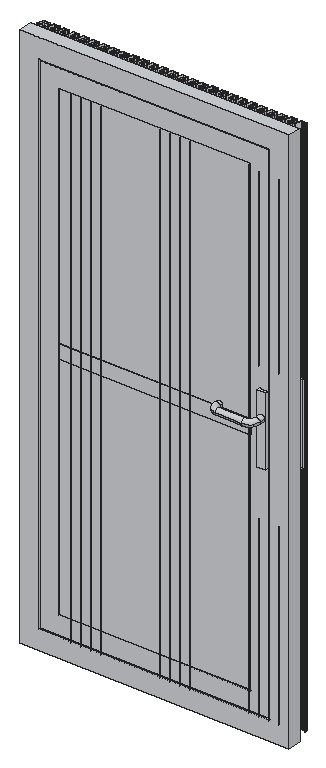
Revit family "NLRS_31_DO_WB_VS27 enkele deur-AV_jazo_jazo", category Doors, host Wall, Revit 2020 (continued)
Definition of nested family "NLRS_31_GM_UN_VS27 start schoep-AV"
  Automatic sketch dimensions
    Extrusion 1 sketch curve to Extrusion 1 sketch curve = 0.9 mm
    Extrusion 1 sketch curve to plane 3 "Center (Left/Right)" = 7.231 mm
    Extrusion 1 sketch curve to Extrusion 1 sketch curve = 0.238 mm
    Extrusion 1 sketch curve to Extrusion 1 sketch curve = 0.79 mm
    Extrusion 1 sketch curve to Extrusion 1 sketch curve = 1.865 mm
    plane 3 "Center (Left/Right)" to Extrusion 1 sketch curve = 1.073 mm
    plane 3 "Center (Left/Right)" to Extrusion 1 sketch curve = 2.787 mm
    plane 3 "Center (Left/Right)" to Extrusion 1 sketch curve = 4.273 mm
    Extrusion 1 sketch curve to Extrusion 1 sketch curve = 0.749 mm
    plane 3 "Center (Left/Right)" to Extrusion 1 sketch curve = 5.009 mm
    Extrusion 1 sketch curve to Extrusion 1 sketch curve = 1.8 mm
    Extrusion 1 sketch curve to Extrusion 1 sketch curve = 0.108 mm
    Extrusion 1 sketch curve to Extrusion 1 sketch curve = 8.963 mm
    Extrusion 1 sketch curve to Extrusion 1 sketch curve = 2.156 mm
    Extrusion 1 sketch curve to Extrusion 1 sketch curve = 1.695 mm
    plane 7 "Right" to Extrusion 1 sketch curve = 9.881 mm
    Extrusion 1 sketch curve to Extrusion 1 sketch curve = 1.074 mm
    Extrusion 1 sketch curve to Extrusion 1 sketch curve = 2.753 mm
    plane 7 "Right" to Extrusion 1 sketch curve = 0.7 mm
Definition of nested family "NLRS_31_GM_UN_VS27 schoep-AV"
  Parameters (values of type "VS27 schoep")
    URL = "www.jazo.com"
    NLRS_C_zichtbaar_01 = yes
    NLRS_C_stelruimte_02 = 15 mm  # constant formula
    NLRS_C_stelruimte_01 = 4 mm  # constant formula
    NLRS_C_materiaal = none
    NLRS_C_hoogte [instance] = 1000 mm
    Model = ""
    Manufacturer = "JAZO Zevenaar bv"
    Description = "VS27 schoep"
    Default Elevation = 0 mm
    Assembly Code = "23.30.60.11.17.11"
  Reference planes
    plane 1 "Center (Front/Back)": y = 0
    plane 2 "Bottom": z = 0
    plane 3 "Center (Left/Right)": x = 0
    plane 4 "Top": z = 1000
    plane 5 "onderkant schoep": y = -15.012
    plane 6 "bovenkant schoep": y = 15.012
    plane 7 "Right": x = 25.638
    plane 8 "Left": x = -25.638
    plane 9: z = 500
    plane 10 "stelruimte o": z = 15
    plane 11 "stelruimte b": z = 996
    plane 12 "voorkant kozijn": y = -26.012
  Forms (mm)
    Extrusion 1, solid, material <- "NLRS_C_materiaal", visible <- "NLRS_C_zichtbaar_01"
      sketch origin (77.487, -10.918, 0) x (0, -1, 0) y (1, 0, 0)
        loop
          line (-2.706, -54.543) -> (-2.706, -74.501) -> (-25.165, -80.519)
          arc (-25.165, -80.519) -> (-25.7, -80.876) -> (-25.906, -81.485) r 1
          line (-25.906, -81.485) -> (-25.906, -99.95)
          arc (-25.906, -99.95) -> (-25.7, -100.559) -> (-25.165, -100.916) r 1
          line (-25.165, -100.916) -> (-17.036, -103.095)
          arc (-17.036, -103.095) -> (-15.934, -102.458) -> (-16.57, -101.356) r 0.9
          line (-16.57, -101.356) -> (-24.106, -99.337) -> (-24.106, -91.618) -> (-22.106, -91.618)
          arc (-22.106, -91.618) -> (-21.206, -90.718) -> (-22.106, -89.818) r 0.9
          line (-22.106, -89.818) -> (-24.106, -89.818) -> (-24.106, -82.099) -> (-2.711, -76.366) -> (-2.711, -77.156)
          arc (-2.711, -77.156) -> (-1.809, -77.852) -> (-0.906, -77.156) r 0.933
          line (-0.906, -77.156) -> (-0.906, -65.653) -> (2.294, -65.653) -> (2.294, -68.853) -> (4.094, -68.853) -> (4.094, -63.853) -> (-0.906, -63.853) -> (-0.906, -52.849)
          arc (-0.906, -52.849) -> (-1.298, -52.055) -> (-2.165, -51.883) r 1
          line (-2.165, -51.883) -> (-9.043, -53.726)
          arc (-9.043, -53.726) -> (-9.679, -54.828) -> (-8.577, -55.464) r 0.9
          line (-8.577, -55.464) -> (-3.336, -54.06)
          arc (-3.336, -54.06) -> (-2.902, -54.146) -> (-2.706, -54.543) r 0.5
      from 15 to 996
  Dimensions and locks
    "NLRS_C_hoogte": plane 4 "Top" to plane 2 "Bottom"
    locked: plane 6 "bovenkant schoep" to plane 5 "onderkant schoep" at 30
    locked: plane 8 "Left" to plane 7 "Right" at 51.277
    equal spacing: plane 6 "bovenkant schoep", plane 1 "Center (Front/Back)", plane 5 "onderkant schoep"
    equal spacing: plane 8 "Left", plane 3 "Center (Left/Right)", plane 7 "Right"
    equal spacing: plane 4 "Top", plane 9, plane 2 "Bottom"
    "NLRS_C_stelruimte_02": plane 10 "stelruimte o" to plane 2 "Bottom"
    "NLRS_C_stelruimte_01": plane 4 "Top" to plane 11 "stelruimte b"
    locked: plane 5 "onderkant schoep" to plane 12 "voorkant kozijn" at 11
    aligned and locked: level to plane 2 "Bottom"
    aligned and locked: plane 11 "stelruimte b" to Extrusion 1
    aligned and locked: Extrusion 1 to plane 10 "stelruimte o"
  Automatic sketch dimensions
    Extrusion 1 sketch curve to plane 5 "onderkant schoep" = 0 mm
    plane 5 "onderkant schoep" to Extrusion 1 sketch curve = 1.8 mm
    Extrusion 1 sketch curve to Extrusion 1 sketch curve = 3.2 mm  (x2)
    Extrusion 1 sketch curve to Extrusion 1 sketch curve = 0 mm  (x2)
    plane 3 "Center (Left/Right)" to Extrusion 1 sketch curve = 0.568 mm
    Extrusion 1 sketch curve to Extrusion 1 sketch curve = 0.902 mm  (x2)
    Extrusion 1 sketch curve to Extrusion 1 sketch curve = 1 mm
    Extrusion 1 sketch curve to plane 7 "Right" = 0.034 mm
    Extrusion 1 sketch curve to Extrusion 1 sketch curve = 0.259 mm
    Extrusion 1 sketch curve to Extrusion 1 sketch curve = 0.8 mm  (x3)
    plane 3 "Center (Left/Right)" to Extrusion 1 sketch curve = 1.121 mm
    Extrusion 1 sketch curve to Extrusion 1 sketch curve = 0.5 mm
    Extrusion 1 sketch curve to plane 7 "Right" = 2.211 mm
    Extrusion 1 sketch curve to Extrusion 1 sketch curve = 0.129 mm
    plane 1 "Center (Front/Back)" to Extrusion 1 sketch curve = 2.341 mm
    Extrusion 1 sketch curve to Extrusion 1 sketch curve = 0.233 mm  (x4)
    plane 8 "Left" to Extrusion 1 sketch curve = 1.769 mm
    Extrusion 1 sketch curve to plane 1 "Center (Front/Back)" = 5.652 mm
    plane 8 "Left" to Extrusion 1 sketch curve = 0.031 mm
    Extrusion 1 sketch curve to plane 6 "bovenkant schoep" = 3.823 mm
    Extrusion 1 sketch curve to plane 6 "bovenkant schoep" = 1.823 mm
    Extrusion 1 sketch curve to plane 6 "bovenkant schoep" = 0.765 mm  (x2)
    Extrusion 1 sketch curve to plane 6 "bovenkant schoep" = 0.023 mm
    plane 8 "Left" to Extrusion 1 sketch curve = 2.209 mm
    Extrusion 1 sketch curve to Extrusion 1 sketch curve = 0.614 mm  (x2)
    Extrusion 1 sketch curve to Extrusion 1 sketch curve = 7.719 mm
    Extrusion 1 sketch curve to Extrusion 1 sketch curve = 0.9 mm
    Extrusion 1 sketch curve to plane 3 "Center (Left/Right)" = 4.612 mm
    plane 3 "Center (Left/Right)" to Extrusion 1 sketch curve = 0.331 mm
    Extrusion 1 sketch curve to Extrusion 1 sketch curve = 1.865 mm
    plane 3 "Center (Left/Right)" to Extrusion 1 sketch curve = 8.635 mm
    Extrusion 1 sketch curve to Extrusion 1 sketch curve = 1.8 mm
    Extrusion 1 sketch curve to plane 7 "Right" = 3.616 mm
    Extrusion 1 sketch curve to Extrusion 1 sketch curve = 0.869 mm
Definition of nested family "NLRS_31_GM_UN_beslagbak VS27-AV"
  Parameters (values of type "beslagbak VS27")
    URL = "www.jazo.com"
    NLRS_C_diepte_01 = 30 mm
    NLRS_C_afstand = 84.4 mm  # constant formula
    Model = ""
    Manufacturer = "JAZO Zevenaar bv"
    JAZO_C_opbouwrooster VS27 = yes
    JAZO_C_materiaal schoep = none
    JAZO_C_materiaal beslag = none
    Description = "beslagbak VS27"
    Default Elevation = 0 mm
    Assembly Code = "23.30.40.31"
  Reference planes
    plane 1 "Center (Front/Back)": y = 0
    plane 2 "Bottom": z = 0
    plane 3 "Center (Left/Right)": x = 0
    plane 4 "Tussen": x = -179.999
    plane 5 "Right": x = 95
    plane 6 "Left": x = -240
    plane 7 "center hs27r": z = 185
    plane 8 "knop-kruk": x = 10.6
    plane 9 "voorkant kozijn": y = -11
  Forms (mm)
    Extrusion 1, solid, material <- "JAZO_C_materiaal schoep", visible <- "JAZO_C_opbouwrooster VS27"
      sketch origin (0.008, 28.012, 0) x (1, 0, 0) y (0, 1, 0)
        loop
          arc (92.791, 1.247) -> (92.434, 1.782) -> (91.825, 2.012) r 1
          line (91.825, 2.012) -> (73.36, 1.988)
          arc (73.36, 1.988) -> (72.751, 1.782) -> (72.394, 1.247) r 1
          line (72.394, 1.247) -> (69.918, -7.992) -> (59.267, -7.992) -> (56.791, 1.247)
          arc (56.791, 1.247) -> (56.434, 1.782) -> (55.825, 2.012) r 1
          line (55.825, 2.012) -> (37.36, 1.988)
          arc (37.36, 1.988) -> (36.751, 1.782) -> (36.394, 1.247) r 1
          line (36.394, 1.247) -> (33.918, -7.992) -> (23.267, -7.992) -> (20.791, 1.247)
          arc (20.791, 1.247) -> (20.434, 1.782) -> (19.825, 2.012) r 1
          line (19.825, 2.012) -> (1.36, 1.988)
          arc (1.36, 1.988) -> (0.751, 1.782) -> (0.394, 1.247) r 1
          line (0.394, 1.247) -> (-2.081, -7.988) -> (-12.734, -7.988) -> (-15.209, 1.247)
          arc (-15.209, 1.247) -> (-15.566, 1.782) -> (-16.175, 2.012) r 1
          line (-16.175, 2.012) -> (-34.64, 1.988)
          arc (-34.64, 1.988) -> (-35.249, 1.782) -> (-35.606, 1.247) r 1
          line (-35.606, 1.247) -> (-38.081, -7.988) -> (-64.272, -7.988) -> (-64.272, -28.012) -> (68.417, -28.012) -> (70.241, -21.207) -> (75.974, 0.188) -> (91.211, 0.188) -> (93.231, -7.348)
          arc (93.231, -7.348) -> (94.333, -7.985) -> (94.969, -6.882) r 0.9
          line (94.969, -6.882) -> (92.791, 1.247)
      from 295 to 293
    Extrusion 2, solid, material <- "JAZO_C_materiaal schoep", visible <- "JAZO_C_opbouwrooster VS27"
      sketch origin (0.008, 28.012, 0) x (1, 0, 0) y (0, 1, 0)
        loop
          arc (92.791, 1.247) -> (92.434, 1.782) -> (91.825, 2.012) r 1
          line (91.825, 2.012) -> (73.36, 1.988)
          arc (73.36, 1.988) -> (72.751, 1.782) -> (72.394, 1.247) r 1
          line (72.394, 1.247) -> (69.918, -7.992) -> (59.267, -7.992) -> (56.791, 1.247)
          arc (56.791, 1.247) -> (56.434, 1.782) -> (55.825, 2.012) r 1
          line (55.825, 2.012) -> (37.36, 1.988)
          arc (37.36, 1.988) -> (36.751, 1.782) -> (36.394, 1.247) r 1
          line (36.394, 1.247) -> (33.918, -7.992) -> (23.267, -7.992) -> (20.791, 1.247)
          arc (20.791, 1.247) -> (20.434, 1.782) -> (19.825, 2.012) r 1
          line (19.825, 2.012) -> (1.36, 1.988)
          arc (1.36, 1.988) -> (0.751, 1.782) -> (0.394, 1.247) r 1
          line (0.394, 1.247) -> (-2.081, -7.988) -> (-12.734, -7.988) -> (-15.209, 1.247)
          arc (-15.209, 1.247) -> (-15.566, 1.782) -> (-16.175, 2.012) r 1
          line (-16.175, 2.012) -> (-34.64, 1.988)
          arc (-34.64, 1.988) -> (-35.249, 1.782) -> (-35.606, 1.247) r 1
          line (-35.606, 1.247) -> (-38.081, -7.988) -> (-64.272, -7.988) -> (-64.272, -28.012) -> (68.417, -28.012) -> (75.974, 0.188) -> (91.211, 0.188) -> (93.231, -7.348)
          arc (93.231, -7.348) -> (94.333, -7.985) -> (94.969, -6.882) r 0.9
          line (94.969, -6.882) -> (92.791, 1.247)
      from 2 to 0
    Extrusion 3, solid, material <- "JAZO_C_materiaal schoep", visible <- "JAZO_C_opbouwrooster VS27"
      sketch origin (2.136, 27.023, 0) x (1, 0, 0) y (0, 1, 0)
        loop
          line (92.841, -5.894) -> (90.663, 2.235)
          arc (90.663, 2.235) -> (90.306, 2.77) -> (89.697, 2.977) r 1
          line (89.697, 2.977) -> (71.231, 3)
          arc (71.231, 3) -> (70.623, 2.793) -> (70.266, 2.259) r 1
          line (70.266, 2.259) -> (63.491, -23.023) -> (-62.4, -23.023) -> (-62.4, -7) -> (-66.4, -7) -> (-66.4, -27.023) -> (66.283, -27.023) -> (73.839, 1.177) -> (89.083, 1.177) -> (91.102, -6.36)
          arc (91.102, -6.36) -> (92.205, -6.996) -> (92.841, -5.894) r 0.9
      from 293 to 2
  Dimensions and locks
    plane 4 "Tussen" to plane 3 "Center (Left/Right)" = 179.999 mm
    plane 3 "Center (Left/Right)" to plane 5 "Right" = 95 mm
    plane 4 "Tussen" to plane 5 "Right" = 274.999 mm
    plane 6 "Left" to plane 4 "Tussen" = 60.001 mm
    "NLRS_C_afstand": plane 5 "Right" to plane 8 "knop-kruk"
    locked: plane 9 "voorkant kozijn" to plane 1 "Center (Front/Back)" at 11
    locked: Extrusion 1 to plane 7 "center hs27r" at 108
    locked: Extrusion 1 to plane 7 "center hs27r" at 110
    locked: Extrusion 2 to level at 2
    locked: Extrusion 3 to plane 7 "center hs27r" at 108
    aligned and locked: level to plane 2 "Bottom"
    aligned and locked: plane 7 "center hs27r" to nested 1
    aligned and locked: plane 8 "knop-kruk" to nested 1
    aligned and locked: Extrusion 2 to plane 2 "Bottom"
  Automatic sketch dimensions
    Extrusion 2 sketch curve to plane 1 "Center (Front/Back)" = 20.023 mm  (x2)
    Extrusion 2 sketch curve to plane 3 "Center (Left/Right)" = 64.264 mm
    Extrusion 2 sketch curve to Extrusion 2 sketch curve = 26.191 mm
    Extrusion 2 sketch curve to plane 1 "Center (Front/Back)" = 29.259 mm  (x6)
    Extrusion 2 sketch curve to Extrusion 2 sketch curve = 2.475 mm  (x2)
    Extrusion 2 sketch curve to Extrusion 2 sketch curve = 0.966 mm  (x7)
    Extrusion 2 sketch curve to plane 1 "Center (Front/Back)" = 29 mm  (x3)
    Extrusion 2 sketch curve to plane 3 "Center (Left/Right)" = 16.167 mm
    Extrusion 2 sketch curve to plane 3 "Center (Left/Right)" = 2.073 mm
    plane 3 "Center (Left/Right)" to Extrusion 2 sketch curve = 0.401 mm
    plane 3 "Center (Left/Right)" to Extrusion 2 sketch curve = 1.367 mm
    plane 8 "knop-kruk" to Extrusion 2 sketch curve = 9.233 mm
    Extrusion 2 sketch curve to plane 1 "Center (Front/Back)" = 20.02 mm  (x2)
    Extrusion 2 sketch curve to Extrusion 2 sketch curve = 2.476 mm  (x4)
    Extrusion 2 sketch curve to Extrusion 2 sketch curve = 10.652 mm  (x2)
    Extrusion 2 sketch curve to Extrusion 2 sketch curve = 18.465 mm
    Extrusion 2 sketch curve to Extrusion 2 sketch curve = 9.151 mm
    plane 5 "Right" to Extrusion 2 sketch curve = 3.781 mm
    Extrusion 2 sketch curve to Extrusion 2 sketch curve = 0.614 mm
    plane 5 "Right" to Extrusion 2 sketch curve = 1.762 mm
    Extrusion 2 sketch curve to Extrusion 2 sketch curve = 0.869 mm  (x2)
    Extrusion 2 sketch curve to plane 1 "Center (Front/Back)" = 20.663 mm
    Extrusion 2 sketch curve to Extrusion 2 sketch curve = 0.233 mm
    Extrusion 2 sketch curve to Extrusion 2 sketch curve = 0.259 mm  (x6)
    Extrusion 2 sketch curve to Extrusion 2 sketch curve = 0.8 mm
    Extrusion 2 sketch curve to Extrusion 2 sketch curve = 0 mm  (x8)
    Extrusion 2 sketch curve to Extrusion 2 sketch curve = 0.023 mm  (x4)
    Extrusion 3 sketch curve to plane 1 "Center (Front/Back)" = 0 mm
    Extrusion 3 sketch curve to plane 3 "Center (Left/Right)" = 64.264 mm
    Extrusion 3 sketch curve to Extrusion 3 sketch curve = 4 mm
    Extrusion 3 sketch curve to plane 1 "Center (Front/Back)" = 4 mm
    plane 5 "Right" to Extrusion 3 sketch curve = 29.373 mm
    Extrusion 3 sketch curve to Extrusion 3 sketch curve = 2.792 mm
    plane 5 "Right" to Extrusion 3 sketch curve = 22.599 mm
    Extrusion 3 sketch curve to Extrusion 3 sketch curve = 2.608 mm
    plane 5 "Right" to Extrusion 3 sketch curve = 3.781 mm
    Extrusion 3 sketch curve to Extrusion 3 sketch curve = 0.614 mm
    Extrusion 3 sketch curve to Extrusion 3 sketch curve = 0.966 mm
    plane 5 "Right" to Extrusion 3 sketch curve = 1.762 mm
    plane 5 "Right" to Extrusion 3 sketch curve = 0.892 mm
    plane 5 "Right" to Extrusion 3 sketch curve = 0.023 mm
    Extrusion 3 sketch curve to plane 1 "Center (Front/Back)" = 20.663 mm
    Extrusion 3 sketch curve to Extrusion 3 sketch curve = 0.233 mm
    Extrusion 3 sketch curve to Extrusion 3 sketch curve = 16.023 mm
    Extrusion 3 sketch curve to Extrusion 3 sketch curve = 7.537 mm
    Extrusion 3 sketch curve to Extrusion 3 sketch curve = 0.8 mm
    Extrusion 3 sketch curve to Extrusion 3 sketch curve = 0.823 mm
    Extrusion 3 sketch curve to Extrusion 3 sketch curve = 0.259 mm  (x2)
    Extrusion 3 sketch curve to Extrusion 3 sketch curve = 0 mm
    Extrusion 3 sketch curve to Extrusion 3 sketch curve = 0.023 mm
    plane 1 "Center (Front/Back)" to Extrusion 2 sketch curve = 0 mm
    Extrusion 2 sketch curve to Extrusion 2 sketch curve = 7.537 mm
    Extrusion 2 sketch curve to Extrusion 2 sketch curve = 2.614 mm
    plane 1 "Center (Front/Back)" to Extrusion 1 sketch curve = 0 mm
    Extrusion 1 sketch curve to plane 3 "Center (Left/Right)" = 64.264 mm
    Extrusion 1 sketch curve to Extrusion 1 sketch curve = 2.475 mm  (x2)
    Extrusion 1 sketch curve to Extrusion 1 sketch curve = 0.966 mm  (x8)
    Extrusion 1 sketch curve to plane 3 "Center (Left/Right)" = 16.167 mm
    Extrusion 1 sketch curve to plane 3 "Center (Left/Right)" = 2.073 mm
    plane 3 "Center (Left/Right)" to Extrusion 1 sketch curve = 0.401 mm
    plane 8 "knop-kruk" to Extrusion 1 sketch curve = 9.233 mm
    Extrusion 1 sketch curve to Extrusion 1 sketch curve = 2.476 mm  (x4)
    Extrusion 1 sketch curve to Extrusion 1 sketch curve = 10.652 mm  (x2)
    Extrusion 1 sketch curve to Extrusion 1 sketch curve = 18.465 mm
    Extrusion 1 sketch curve to Extrusion 1 sketch curve = 9.151 mm
    Extrusion 1 sketch curve to plane 1 "Center (Front/Back)" = 6.805 mm
    Extrusion 1 sketch curve to Extrusion 1 sketch curve = 1.823 mm
    Extrusion 1 sketch curve to Extrusion 1 sketch curve = 2.614 mm
    plane 5 "Right" to Extrusion 1 sketch curve = 3.781 mm
    Extrusion 1 sketch curve to Extrusion 1 sketch curve = 0.614 mm
    plane 5 "Right" to Extrusion 1 sketch curve = 1.762 mm
    plane 5 "Right" to Extrusion 1 sketch curve = 0.892 mm
    plane 5 "Right" to Extrusion 1 sketch curve = 0.023 mm
    Extrusion 1 sketch curve to Extrusion 1 sketch curve = 13.215 mm
    Extrusion 1 sketch curve to plane 1 "Center (Front/Back)" = 20.02 mm
    Extrusion 1 sketch curve to plane 1 "Center (Front/Back)" = 20.023 mm
    Extrusion 1 sketch curve to plane 1 "Center (Front/Back)" = 20.663 mm
    Extrusion 1 sketch curve to Extrusion 1 sketch curve = 0.233 mm
    Extrusion 1 sketch curve to Extrusion 1 sketch curve = 8.18 mm
    Extrusion 1 sketch curve to Extrusion 1 sketch curve = 0.8 mm  (x2)
    Extrusion 1 sketch curve to Extrusion 1 sketch curve = 8.98 mm  (x3)
    Extrusion 1 sketch curve to Extrusion 1 sketch curve = 8.977 mm  (x2)
    Extrusion 1 sketch curve to Extrusion 1 sketch curve = 0.259 mm  (x8)
    Extrusion 1 sketch curve to Extrusion 1 sketch curve = 26.191 mm
    Extrusion 1 sketch curve to Extrusion 1 sketch curve = 0 mm  (x8)
    Extrusion 1 sketch curve to Extrusion 1 sketch curve = 0.023 mm  (x4)
    Extrusion 1 sketch curve to Extrusion 1 sketch curve = 10 mm
    Extrusion 1 sketch curve to Extrusion 1 sketch curve = 1.023 mm
  Nested families
    nested 1: "NLRS_31_GM_UN_beslag opbouwrooster-AV" at (10.6, -11, 22), visible <- "JAZO_C_opbouwrooster VS27", type "beslag opbouwrooster"
      with NLRS_C_diepte_01 30 mm
  Definition of nested family "NLRS_31_GM_UN_beslag opbouwrooster-AV"
    Parameters (values of type "beslag opbouwrooster")
      URL = "www.jazo.com"
      NLRS_C_materiaal = none
      NLRS_C_diepte_01 = 50 mm
      Model = ""
      Manufacturer = "Jazo Zevenaar bv"
      Description = "Beslag opbouwrooster"
      Default Elevation = 0 mm
      Assembly Code = "23.30.40.31"
    Reference planes
      plane 1 "Center (Front/Back)": y = 0
      plane 2 "Bottom": z = 0
      plane 3 "Center (Left/Right)": x = 0
      plane 4 "kruk": z = 163
      plane 5 "cilinder": z = 71.5
      plane 6 "achterkant kozijn": y = -50
      plane 7 "start beslag": y = 15
    Forms (mm)
      Extrusion 1, solid, material <- "NLRS_C_materiaal"
        sketch origin (0, 37, 0) x (1, 0, 0) y (0, 1, 0)
          loop
            line (-16, -10) -> (-16, -22) -> (16, -22) -> (16, -10) -> (-16, -10)
        from 0 to 251
      Extrusion 2, solid, material <- "NLRS_C_materiaal"
        sketch origin (0, 0, 0) x (1, 0, 0) y (0, 0, -1)
          loop
            circle (0, -163) r 11
        from 27 to 57
      Extrusion 3, solid, material <- "NLRS_C_materiaal"
        sketch origin (0, 0, 0) x (1, 0, 0) y (0, 0, -1)
          loop
            circle (0, -163) r 25
        from 57 to 73
      Sweep 4, solid, material <- "NLRS_C_materiaal"
        path origin (0, -4, 0) x (1, 0, 0) y (0, 1, 0)
          loop
            line (0, -58) -> (0, -80)
            arc (0, -80) -> (-7.249, -97.5) -> (-24.749, -104.749) r 24.749
            line (-24.749, -104.749) -> (-120.749, -104.749)
            arc (-120.749, -104.749) -> (-138.249, -97.5) -> (-145.497, -80) r 24.749
            line (-145.497, -80) -> (-145.497, -69)
        profile origin (0, -73, 0) x (1, 0, 0) y (0, 0, 1)
          loop
            circle (0, 163) r 11
      Extrusion 5, solid, material <- "NLRS_C_materiaal"
        sketch origin (0, -37, 0) x (1, 0, 0) y (0, 1, 0)
          loop
            line (-16, -25) -> (16, -25) -> (16, -13) -> (-16, -13) -> (-16, -25)
        from 0 to 251
    Dimensions and locks
      locked: plane 4 "kruk" to plane 2 "Bottom" at 163
      locked: plane 5 "cilinder" to plane 2 "Bottom" at 71.5
      locked: plane 7 "start beslag" to Extrusion 2 at 12
      locked: plane 7 "start beslag" to Extrusion 3 at 42
      locked: Extrusion 3 to plane 7 "start beslag" at 58
      locked: plane 1 "Center (Front/Back)" to plane 7 "start beslag" at 15
      "NLRS_C_diepte_01": plane 6 "achterkant kozijn" to plane 1 "Center (Front/Back)"
      aligned and locked: level to plane 2 "Bottom"
      aligned and locked: Extrusion 1 to plane 7 "start beslag"
      aligned and locked: Extrusion 2 to Extrusion 3
      aligned and locked: Extrusion 2 to Extrusion 1
    Automatic sketch dimensions
      Extrusion 1 sketch curve to plane 7 "start beslag" = 0 mm
      Extrusion 1 sketch curve to plane 3 "Center (Left/Right)" = 16 mm
      plane 3 "Center (Left/Right)" to Extrusion 1 sketch curve = 16 mm
      plane 7 "start beslag" to Extrusion 1 sketch curve = 12 mm
      Extrusion 2 sketch curve to plane 3 "Center (Left/Right)" = 0 mm
      Extrusion 2 sketch curve to plane 4 "kruk" = 0 mm
      Extrusion 3 sketch curve to plane 3 "Center (Left/Right)" = 0 mm
      Extrusion 3 sketch curve to plane 4 "kruk" = 0 mm
      Sweep 4 sketch curve to plane 3 "Center (Left/Right)" = 0 mm
      Sweep 4 sketch curve to plane 3 "Center (Left/Right)" = 24.749 mm
      Sweep 4 sketch curve to plane 6 "achterkant kozijn" = 58.749 mm
      Sweep 4 sketch curve to Sweep 4 sketch curve = 96 mm
      Sweep 4 sketch curve to Sweep 4 sketch curve = 24.749 mm
      Sweep 4 sketch curve to Sweep 4 sketch curve = 11 mm
      Sweep 4 sketch curve to plane 6 "achterkant kozijn" = 12 mm
      profile plane to Sweep 4 sketch curve = 0 mm
      profile plane to Sweep 4 sketch curve = 163 mm
      Extrusion 5 sketch curve to plane 6 "achterkant kozijn" = 0 mm
      Extrusion 5 sketch curve to plane 3 "Center (Left/Right)" = 16 mm
      plane 3 "Center (Left/Right)" to Extrusion 5 sketch curve = 16 mm
      Extrusion 5 sketch curve to Extrusion 5 sketch curve = 12 mm
      radius of Extrusion 2 sketch curve = 11 mm
      radius of Extrusion 3 sketch curve = 25 mm
      radius of Sweep 4 sketch curve = 11 mm
Definition of nested family "NLRS_31_GM_UN_aluminium planken opbouwroosters-AV"
  Parameters (values of type "aluminium planken")
    URL = "www.jazo.com"
    NLRS_C_zichtbaar_02 = if(JAZO_C_aluminium kozijn, if(and(NLRS_C_inbraakwerend, JAZO_C_ventilerend), 1 < 2, if(and(NLRS_C_inbraakwerend, JAZO_C_ventilerend), 1 < 2, 2 < 1)), 2 < 1)  # no
    NLRS_C_zichtbaar_01 = if(JAZO_C_aluminium kozijn, if(or(JAZO_C_niet ventilerend, NLRS_C_zichtbaar_02), 1 < 2, 2 < 1), 2 < 1)  # yes
    NLRS_C_offset_01 = 10 mm
    NLRS_C_materiaal = none
    NLRS_C_inbraakwerend = no
    NLRS_C_hoogte_04 = (NLRS_C_hoogte / 2) - 102.5 mm - 138 mm  # 1159.5 mm
    NLRS_C_hoogte_03 = (NLRS_C_hoogte / 2) - 102.5 mm - 142 mm  # 1155.5 mm
    NLRS_C_hoogte_02 = NLRS_C_hoogte - 33 mm - 37 mm  # 2730 mm
    NLRS_C_hoogte = 2800 mm
    NLRS_C_diepte = 60 mm  # constant formula
    NLRS_C_breedte_03 = NLRS_C_breedte - (129 mm * 2)  # 1142 mm
    NLRS_C_breedte_02 = NLRS_C_breedte - (123.5 mm * 2)  # 1153 mm
    NLRS_C_breedte_01 = NLRS_C_breedte - 24 mm * 2  # 1352 mm
    NLRS_C_breedte = 1400 mm
    NLRS_C_aantal_02 = NLRS_C_hoogte_04 / 20 mm  # 58
    NLRS_C_aantal_01 = NLRS_C_hoogte_03 / 20 mm  # 58
    Model = ""
    Manufacturer = "JAZO Zevenaar bv"
    Keynote = ""
    JAZO_C_ventilerend = no
    JAZO_C_niet ventilerend = yes
    JAZO_C_aluminium kozijn = yes
    Description = "Aluminium planken"
    Default Elevation = 0 mm
    Assembly Code = "23.30.10.11"
  Reference planes
    plane 1 "Center (Front/Back)": y = 0
    plane 2 "Bottom": z = 0
    plane 3 "Center (Left/Right)": x = 0
    plane 4 "Left": x = -700
    plane 5 "Right": x = 700
    plane 6 "Top": z = 2800
    plane 7 "voorkant kozijn": y = 30
    plane 8 "achterkant kozijn": y = -30
    plane 9 "offset b": z = 2763
    plane 10 "offset o": z = 33
    plane 11 "onder 1": z = 138
    plane 12 "boven 1": z = 1297.5
    plane 13 "Center (Elevation)": z = 1400
    plane 14 "onder 2": z = 1502.5
    plane 15 "boven 2": z = 2658
    plane 16 "offset left": x = -676
    plane 17 "boven 3": x = 676
    plane 18 "offset links 2": x = -571
    plane 19 "offset rechts 2": x = 571
    plane 20 "offset bottom": y = -7.192
    plane 21 "offset top": y = 7.192
    plane 22 "achterkant plank": y = -15.008
    plane 23 "voorkant plank": y = 15.008
    plane 24: x = -561
    plane 25: x = 561
    plane 26: z = 2648
    plane 27: z = 1512.5
    plane 28: z = 1287.5
    plane 29: z = 148
  Forms (mm)
    Extrusion 1, solid, material <- "NLRS_C_materiaal", visible <- "NLRS_C_zichtbaar_01"
      sketch origin (0, 0, 0) x (1, 0, 0) y (0, 0, 1)
        loop
          line (-571, 2658) -> (-571, 1502.5) -> (571, 1502.5) -> (571, 2658) -> (-571, 2658)
        loop
          line (-571, 1297.5) -> (-571, 138) -> (571, 138) -> (571, 1297.5) -> (-571, 1297.5)
      from -7.192 to 7.192
    Extrusion 2, solid, visible <- "NLRS_C_zichtbaar_02"
      sketch origin (1000, 0, 0) x (1, 0, 0) y (0, 0, 1)
        loop
          line (-1561, 2648) -> (-1561, 1512.5) -> (-439, 1512.5) -> (-439, 2648) -> (-1561, 2648)
        loop
          line (-1561, 1287.5) -> (-1561, 148) -> (-439, 148) -> (-439, 1287.5) -> (-1561, 1287.5)
      from -7.192 to 7.192
  Lines and regions (mm)
    symbolic lines, visible <- "JAZO_C_aluminium kozijn"
      curve 1: line (-576.485, -15.008, 0) -> (576.485, -15.008, 0)
      curve 2: line (576.485, 15.008, 0) -> (-576.485, 15.008, 0)
  Dimensions and locks
    "NLRS_C_hoogte": plane 6 "Top" to plane 2 "Bottom"
    "NLRS_C_breedte": plane 4 "Left" to plane 5 "Right"
    equal spacing: plane 4 "Left", plane 3 "Center (Left/Right)", plane 5 "Right"
    "NLRS_C_diepte": plane 7 "voorkant kozijn" to plane 8 "achterkant kozijn"
    equal spacing: plane 7 "voorkant kozijn", plane 1 "Center (Front/Back)", plane 8 "achterkant kozijn"
    locked: plane 10 "offset o" to plane 2 "Bottom" at 33
    locked: plane 6 "Top" to plane 9 "offset b" at 37
    plane 9 "offset b" to plane 10 "offset o" = 2730 mm
    equal spacing: plane 6 "Top", plane 13 "Center (Elevation)", plane 2 "Bottom"
    locked: plane 13 "Center (Elevation)" to plane 12 "boven 1" at 102.5
    locked: plane 11 "onder 1" to plane 2 "Bottom" at 138
    locked: plane 14 "onder 2" to plane 13 "Center (Elevation)" at 102.5
    locked: plane 6 "Top" to plane 15 "boven 2" at 142
    equal spacing: plane 16 "offset left", plane 3 "Center (Left/Right)", plane 17 "boven 3"
    "NLRS_C_breedte_01": plane 16 "offset left" to plane 17 "boven 3"
    "NLRS_C_breedte_03": plane 18 "offset links 2" to plane 19 "offset rechts 2"
    equal spacing: plane 18 "offset links 2", plane 3 "Center (Left/Right)", plane 19 "offset rechts 2"
    equal spacing: plane 22 "achterkant plank", plane 1 "Center (Front/Back)", plane 23 "voorkant plank"
    locked: plane 22 "achterkant plank" to plane 23 "voorkant plank" at 30.015
    locked: plane 21 "offset top" to plane 20 "offset bottom" at 14.385
    equal spacing: plane 21 "offset top", plane 1 "Center (Front/Back)", plane 20 "offset bottom"
    "NLRS_C_offset_01": plane 29 to plane 11 "onder 1"
    "NLRS_C_offset_01": plane 12 "boven 1" to plane 28
    "NLRS_C_offset_01": plane 27 to plane 14 "onder 2"
    "NLRS_C_offset_01": plane 15 "boven 2" to plane 26
    "NLRS_C_offset_01": plane 19 "offset rechts 2" to plane 25
    "NLRS_C_offset_01": plane 24 to plane 18 "offset links 2"
    aligned and locked: level to plane 2 "Bottom"
    aligned and locked: plane 1 "Center (Front/Back)" to nested 1
    aligned and locked: nested 1 to plane 16 "offset left"
    aligned and locked: plane 17 "boven 3" to nested 2
    aligned and locked: plane 10 "offset o" to nested 1
    aligned and locked: nested 2 to plane 10 "offset o"
    aligned and locked: plane 9 "offset b" to nested 3
    aligned and locked: plane 1 "Center (Front/Back)" to nested 3
    aligned and locked: plane 3 "Center (Left/Right)" to nested 3
    aligned and locked: plane 3 "Center (Left/Right)" to nested 4
    aligned and locked: plane 1 "Center (Front/Back)" to nested 4
    aligned and locked: plane 10 "offset o" to nested 4
    aligned and locked: plane 3 "Center (Left/Right)" to nested 5
    aligned and locked: plane 1 "Center (Front/Back)" to nested 5
    aligned and locked: plane 13 "Center (Elevation)" to nested 5
    aligned and locked: Extrusion 1 sketch curve to plane 15 "boven 2"
    aligned and locked: plane 18 "offset links 2" to Extrusion 1 sketch curve  (x2)
    aligned and locked: Extrusion 1 sketch curve to plane 14 "onder 2"
    aligned and locked: Extrusion 1 sketch curve to plane 19 "offset rechts 2"
    aligned and locked: Extrusion 1 sketch curve to plane 12 "boven 1"
    aligned and locked: Extrusion 1 sketch curve to plane 11 "onder 1"
    aligned and locked: plane 19 "offset rechts 2" to Extrusion 1 sketch curve
    aligned and locked: Extrusion 1 to plane 21 "offset top"
    aligned and locked: Extrusion 1 to plane 20 "offset bottom"
    aligned and locked: plane 22 "achterkant plank" to curve 1
    aligned and locked: plane 23 "voorkant plank" to curve 2
    aligned and locked: Extrusion 2 to plane 20 "offset bottom"
    aligned and locked: Extrusion 2 to plane 21 "offset top"
    aligned and locked: plane 24 to Extrusion 2 sketch curve  (x2)
    aligned and locked: plane 26 to Extrusion 2 sketch curve
    aligned and locked: Extrusion 2 sketch curve to plane 25  (x2)
    aligned and locked: plane 27 to Extrusion 2 sketch curve
    aligned and locked: Extrusion 2 sketch curve to plane 28
    aligned and locked: Extrusion 2 sketch curve to plane 29
  Automatic sketch dimensions
    curve 2 to plane 18 "offset links 2" = 5.485 mm
    curve 1 to plane 18 "offset links 2" = 5.485 mm
    curve 2 to plane 19 "offset rechts 2" = 5.485 mm
    curve 1 to plane 19 "offset rechts 2" = 5.485 mm
  Nested families
    nested 1: "NLRS_31_GM_UN_tussenplank 100-AV" at (-623.5, 0, 33), visible <- "JAZO_C_aluminium kozijn", type "tussenplank 100"
      with NLRS_C_zichtbaar_01 yes, NLRS_C_hoogte 2730 mm
    nested 2: "NLRS_31_GM_UN_tussenplank 100-AV" at (623.5, 0, 33) x (-1, 0, 0) z (0, 0, 1), visible <- "JAZO_C_aluminium kozijn", type "tussenplank 100"
      with NLRS_C_zichtbaar_01 yes, NLRS_C_hoogte 2730 mm
    nested 3: "NLRS_31_GM_UN_tussenplank 100 horziontaal-AV" at (0, 0, 2658), visible <- "JAZO_C_aluminium kozijn", type "tussenplank 100mm horzitontaal boven"
    nested 4: "NLRS_31_GM_UN_tussenplank 100 horziontaal-AV" at (0, 0, 33), visible <- "JAZO_C_aluminium kozijn", type "tussenplank 100mm horzitontaal onder"
    nested 5: "NLRS_31_GM_UN_tussenplank 200 horizontaal-AV" at (0, 0, 1297.5), visible <- "JAZO_C_aluminium kozijn", type "tussenplank 200mm"
      with NLRS_C_zichtbaar_01 yes, NLRS_C_breedte 1153 mm
  Definition of nested family "NLRS_31_GM_UN_tussenplank 100-AV"
    Parameters (values of type "tussenplank 100")
      URL = "www.jazo.com"
      NLRS_C_zichtbaar_01 [instance] = yes
      NLRS_C_materiaal = none
      NLRS_C_hoogte = 2334 mm
      NLRS_C_breedte = 105 mm  # constant formula
      Model = ""
      Manufacturer = "Jazo Zevenaar bv"
      Description = "Aluminium tussenplank 100mm"
      Default Elevation = 0 mm
      Assembly Code = "23.30.10.11"
    Reference planes
      plane 1 "Center (Front/Back)": y = 0
      plane 2 "Bottom": z = 0
      plane 3 "Center (Left/Right)": x = 0
      plane 4 "Left": x = -52.5
      plane 5 "Right": x = 52.5
      plane 6 "Top": z = 2334
    Forms (mm)
      Extrusion 1, solid, material <- "NLRS_C_materiaal", visible <- "NLRS_C_zichtbaar_01"
        sketch origin (0, -15.008, 0) x (1, 0, 0) y (0, 1, 0)
          loop
            line (47.015, 30) -> (-52.5, 30) -> (-52.5, 28) -> (-49.253, 28) -> (-47.015, 22.295) -> (-47.015, 7.721) -> (-49.253, 2) -> (-52.5, 2) -> (-52.5, 0) -> (47.015, 0) -> (47.015, 2.5) -> (50.42, 2.5) -> (52.5, 7.815) -> (52.5, 22.2) -> (50.42, 27.5) -> (47.015, 27.5) -> (47.015, 30)
          loop
            line (-44.5, 2) -> (-36.3, 2) -> (-36.3, 4.5) -> (-34.3, 4.5) -> (-34.3, 2) -> (45.015, 2) -> (45.015, 4.25) -> (49.8, 4.25) -> (49.8, 25.75) -> (45.015, 25.75) -> (45.015, 28) -> (-34.3, 28) -> (-34.3, 25.5) -> (-36.3, 25.5) -> (-36.3, 28) -> (-44.5, 28) -> (-44.5, 2)
        from 0 to 2334
    Dimensions and locks
      equal spacing: plane 4 "Left", plane 3 "Center (Left/Right)", plane 5 "Right"
      "NLRS_C_breedte": plane 4 "Left" to plane 5 "Right"
      "NLRS_C_hoogte": plane 6 "Top" to plane 2 "Bottom"
      aligned and locked: level to plane 2 "Bottom"
      aligned and locked: plane 6 "Top" to Extrusion 1
      aligned and locked: Extrusion 1 to level
    Automatic sketch dimensions
      Extrusion 1 sketch curve to plane 4 "Left" = 0 mm  (x2)
      Extrusion 1 sketch curve to plane 5 "Right" = 0 mm
      Extrusion 1 sketch curve to plane 4 "Left" = 3.247 mm  (x2)
      Extrusion 1 sketch curve to plane 4 "Left" = 5.485 mm
      Extrusion 1 sketch curve to Extrusion 1 sketch curve = 4.753 mm
      Extrusion 1 sketch curve to Extrusion 1 sketch curve = 8.2 mm  (x2)
      Extrusion 1 sketch curve to Extrusion 1 sketch curve = 2 mm  (x6)
      plane 5 "Right" to Extrusion 1 sketch curve = 7.485 mm  (x2)
      plane 5 "Right" to Extrusion 1 sketch curve = 2.7 mm
      Extrusion 1 sketch curve to Extrusion 1 sketch curve = 0.62 mm  (x2)
      plane 1 "Center (Front/Back)" to Extrusion 1 sketch curve = 15.008 mm
      plane 1 "Center (Front/Back)" to Extrusion 1 sketch curve = 13.008 mm
      Extrusion 1 sketch curve to Extrusion 1 sketch curve = 0 mm  (x3)
      Extrusion 1 sketch curve to Extrusion 1 sketch curve = 2.5 mm  (x2)
      Extrusion 1 sketch curve to Extrusion 1 sketch curve = 2.25 mm
      Extrusion 1 sketch curve to Extrusion 1 sketch curve = 5.721 mm
      Extrusion 1 sketch curve to Extrusion 1 sketch curve = 3.565 mm
      Extrusion 1 sketch curve to plane 1 "Center (Front/Back)" = 7.192 mm
      Extrusion 1 sketch curve to plane 1 "Center (Front/Back)" = 7.287 mm
      Extrusion 1 sketch curve to plane 1 "Center (Front/Back)" = 10.492 mm
      Extrusion 1 sketch curve to Extrusion 1 sketch curve = 3.55 mm
      Extrusion 1 sketch curve to Extrusion 1 sketch curve = 1.75 mm
      Extrusion 1 sketch curve to Extrusion 1 sketch curve = 0.5 mm
  Definition of nested family "NLRS_31_GM_UN_tussenplank 100 horziontaal-AV"
    Parameters (values of type "tussenplank 100mm horzitontaal boven")
      URL = "www.jazo.com"
      NLRS_C_zichtbaar_02 = yes
      NLRS_C_zichtbaar_01 = no
      NLRS_C_materiaal = none
      NLRS_C_hoogte = 105 mm  # constant formula
      NLRS_C_breedte = 1153 mm
      Model = ""
      Manufacturer = "Jazo Zevenaar bv"
      Description = "Aluminium tussenplank 100mm horzitontaal boven"
      Default Elevation = 0 mm
      Assembly Code = "23.30.10.11"
    Types (2, lengths in mm): name | NLRS_C_zichtbaar_02 | NLRS_C_zichtbaar_01 | Description
      tussenplank 100mm horzitontaal boven | yes | no | "Aluminium tussenplank 100mm horzitontaal boven"
      tussenplank 100mm horzitontaal onder | no | yes | "Aluminium tussenplank 100mm horzitontaal onder"
    Reference planes
      plane 1 "Center (Front/Back)": y = 0
      plane 2 "Bottom": z = 0
      plane 3 "Center (Left/Right)": x = 0
      plane 4 "Left": x = -576.5
      plane 5 "Right": x = 576.5
      plane 6 "Top": z = 105
    Forms (mm)
      Extrusion 1, solid, material <- "NLRS_C_materiaal", visible <- "NLRS_C_zichtbaar_01"
        sketch origin (0, 0, 0) x (0, 1, 0) y (0, 0, 1)
          loop
            line (14.992, 99.515) -> (12.492, 99.515) -> (12.492, 102.92) -> (7.192, 105) -> (-7.192, 105) -> (-12.508, 102.92) -> (-12.508, 99.515) -> (-15.008, 99.515) -> (-15.008, 0) -> (-13.008, 0) -> (-13.008, 3.247) -> (-7.287, 5.485) -> (7.287, 5.485) -> (12.992, 3.247) -> (12.992, 0) -> (14.992, 0) -> (14.992, 99.515)
          loop
            line (-13.008, 8) -> (12.992, 8) -> (12.992, 16.2) -> (10.492, 16.2) -> (10.492, 18.2) -> (12.992, 18.2) -> (12.992, 97.515) -> (10.742, 97.515) -> (10.742, 102.3) -> (-10.758, 102.3) -> (-10.758, 97.515) -> (-13.008, 97.515) -> (-13.008, 18.2) -> (-10.508, 18.2) -> (-10.508, 16.2) -> (-13.008, 16.2) -> (-13.008, 8)
        from -576.5 to 576.5
      Extrusion 2, solid, material <- "NLRS_C_materiaal", visible <- "NLRS_C_zichtbaar_02"
        sketch origin (0, -0.008, 105) x (0, -1, 0) y (0, 0, -1)
          loop
            line (14.992, 99.515) -> (12.492, 99.515) -> (12.492, 102.92) -> (7.192, 105) -> (-7.192, 105) -> (-12.508, 102.92) -> (-12.508, 99.515) -> (-15.008, 99.515) -> (-15.008, 0) -> (-13.008, 0) -> (-13.008, 3.247) -> (-7.287, 5.485) -> (7.287, 5.485) -> (12.992, 3.247) -> (12.992, 0) -> (14.992, 0) -> (14.992, 99.515)
          loop
            line (-13.008, 8) -> (12.992, 8) -> (12.992, 16.2) -> (10.492, 16.2) -> (10.492, 18.2) -> (12.992, 18.2) -> (12.992, 97.515) -> (10.742, 97.515) -> (10.742, 102.3) -> (-10.758, 102.3) -> (-10.758, 97.515) -> (-13.008, 97.515) -> (-13.008, 18.2) -> (-10.508, 18.2) -> (-10.508, 16.2) -> (-13.008, 16.2) -> (-13.008, 8)
        from -576.5 to 576.5
    Dimensions and locks
      equal spacing: plane 4 "Left", plane 3 "Center (Left/Right)", plane 5 "Right"
      "NLRS_C_breedte": plane 4 "Left" to plane 5 "Right"
      "NLRS_C_hoogte": plane 6 "Top" to plane 2 "Bottom"
      aligned and locked: level to plane 2 "Bottom"
      aligned and locked: plane 4 "Left" to Extrusion 1
      aligned and locked: Extrusion 1 to plane 5 "Right"
      aligned and locked: plane 4 "Left" to Extrusion 2
      aligned and locked: Extrusion 2 to plane 5 "Right"
    Automatic sketch dimensions
      plane 1 "Center (Front/Back)" to Extrusion 1 sketch curve = 15.008 mm
      Extrusion 1 sketch curve to Extrusion 1 sketch curve = 2 mm  (x5)
      level to Extrusion 1 sketch curve = 18.2 mm
      Extrusion 1 sketch curve to Extrusion 1 sketch curve = 0 mm  (x5)
      Extrusion 1 sketch curve to Extrusion 1 sketch curve = 2.5 mm  (x2)
      Extrusion 1 sketch curve to Extrusion 1 sketch curve = 2.25 mm
      Extrusion 1 sketch curve to Extrusion 1 sketch curve = 5.721 mm
      Extrusion 1 sketch curve to Extrusion 1 sketch curve = 3.565 mm
      Extrusion 1 sketch curve to Extrusion 1 sketch curve = 14.385 mm
      Extrusion 1 sketch curve to Extrusion 1 sketch curve = 14.574 mm
      level to Extrusion 1 sketch curve = 16.2 mm  (x2)
      Extrusion 1 sketch curve to Extrusion 1 sketch curve = 3.205 mm
      Extrusion 1 sketch curve to Extrusion 1 sketch curve = 3.55 mm
      Extrusion 1 sketch curve to Extrusion 1 sketch curve = 1.75 mm
      Extrusion 1 sketch curve to Extrusion 1 sketch curve = 0.5 mm
      level to Extrusion 1 sketch curve = 3.247 mm  (x2)
      Extrusion 1 sketch curve to Extrusion 1 sketch curve = 3.247 mm  (x2)
      Extrusion 1 sketch curve to Extrusion 1 sketch curve = 2.239 mm
      Extrusion 1 sketch curve to Extrusion 1 sketch curve = 4.753 mm
      Extrusion 1 sketch curve to Extrusion 1 sketch curve = 79.315 mm
      Extrusion 1 sketch curve to Extrusion 1 sketch curve = 2.785 mm
      Extrusion 1 sketch curve to Extrusion 1 sketch curve = 0.62 mm  (x2)
      Extrusion 1 sketch curve to Extrusion 1 sketch curve = 2.7 mm
      Extrusion 2 sketch curve to plane 6 "Top" = 0 mm  (x2)
      Extrusion 2 sketch curve to level = 0 mm
      level to Extrusion 2 sketch curve = 5.485 mm
      Extrusion 2 sketch curve to plane 1 "Center (Front/Back)" = 15 mm
      Extrusion 2 sketch curve to Extrusion 2 sketch curve = 2 mm  (x6)
      Extrusion 2 sketch curve to Extrusion 2 sketch curve = 0 mm  (x4)
      level to Extrusion 2 sketch curve = 2.08 mm  (x2)
      Extrusion 2 sketch curve to Extrusion 2 sketch curve = 2.5 mm  (x2)
      Extrusion 2 sketch curve to Extrusion 2 sketch curve = 2.25 mm
      Extrusion 2 sketch curve to Extrusion 2 sketch curve = 5.721 mm
      Extrusion 2 sketch curve to Extrusion 2 sketch curve = 3.565 mm
      Extrusion 2 sketch curve to Extrusion 2 sketch curve = 14.385 mm
      Extrusion 2 sketch curve to plane 6 "Top" = 5.485 mm
      Extrusion 2 sketch curve to Extrusion 2 sketch curve = 14.574 mm
      Extrusion 2 sketch curve to Extrusion 2 sketch curve = 3.205 mm
      Extrusion 2 sketch curve to Extrusion 2 sketch curve = 3.55 mm
      Extrusion 2 sketch curve to Extrusion 2 sketch curve = 1.75 mm
      Extrusion 2 sketch curve to Extrusion 2 sketch curve = 0.5 mm
      Extrusion 2 sketch curve to plane 6 "Top" = 3.247 mm
      Extrusion 2 sketch curve to Extrusion 2 sketch curve = 3.247 mm
      Extrusion 2 sketch curve to Extrusion 2 sketch curve = 4.753 mm
      Extrusion 2 sketch curve to Extrusion 2 sketch curve = 8.2 mm  (x2)
      Extrusion 2 sketch curve to Extrusion 2 sketch curve = 5.406 mm
      Extrusion 2 sketch curve to Extrusion 2 sketch curve = 0.62 mm
  Definition of nested family "NLRS_31_GM_UN_tussenplank 200 horizontaal-AV"
    Parameters (values of type "tussenplank 200mm")
      URL = "www.jazo.com"
      NLRS_C_zichtbaar_01 [instance] = yes
      NLRS_C_materiaal = none
      NLRS_C_hoogte = 205 mm  # constant formula
      NLRS_C_breedte = 1027 mm
      Model = ""
      Manufacturer = "Jazo Zevenaar bv"
      Description = "Aluminium tussenplank 200mm"
      Default Elevation = 0 mm
      Assembly Code = "23.30.10.11"
    Reference planes
      plane 1 "Center (Front/Back)": y = 0
      plane 2 "Bottom": z = 0
      plane 3 "Center (Left/Right)": x = 0
      plane 4 "Top": z = 205
      plane 5 "Left": x = -513.5
      plane 6 "Right": x = 513.5
      plane 7 "Center (Elevation)": z = 102.5
    Forms (mm)
      Extrusion 1, solid, material <- "NLRS_C_materiaal"
        sketch origin (0, 0, 0) x (0, 1, 0) y (0, 0, 1)
          loop
            line (14.992, 101.796) -> (14.284, 102.504) -> (14.992, 103.212) -> (14.992, 199.515) -> (12.492, 199.515) -> (12.492, 202.92) -> (7.192, 205) -> (-7.192, 205) -> (-12.508, 202.92) -> (-12.508, 199.515) -> (-15.008, 199.515) -> (-15.008, 103.207) -> (-14.301, 102.5) -> (-15.008, 101.793) -> (-15.008, 0) -> (-13.008, 0) -> (-13.008, 3.21) -> (-7.192, 5.485) -> (7.192, 5.485) -> (12.992, 3.21) -> (12.992, 0) -> (14.992, 0) -> (14.992, 101.796)
          loop
            line (-13.008, 8) -> (12.992, 8) -> (12.992, 16.2) -> (10.492, 16.2) -> (10.492, 18.2) -> (12.992, 18.2) -> (12.992, 103.907) -> (-13.008, 103.907) -> (-13.008, 18.2) -> (-10.508, 18.2) -> (-10.508, 16.2) -> (-13.008, 16.2) -> (-13.008, 8)
          loop
            line (-13.008, 105.907) -> (12.992, 105.907) -> (12.992, 197.515) -> (10.742, 197.515) -> (10.742, 202.3) -> (-10.758, 202.3) -> (-10.758, 197.515) -> (-13.008, 197.515) -> (-13.008, 105.907)
        from -513.5 to 513.5
    Dimensions and locks
      equal spacing: plane 5 "Left", plane 3 "Center (Left/Right)", plane 6 "Right"
      "NLRS_C_breedte": plane 5 "Left" to plane 6 "Right"
      "NLRS_C_hoogte": plane 4 "Top" to plane 2 "Bottom"
      equal spacing: plane 4 "Top", plane 7 "Center (Elevation)", level
      aligned and locked: level to plane 2 "Bottom"
      aligned and locked: plane 5 "Left" to Extrusion 1
      aligned and locked: Extrusion 1 to plane 6 "Right"
    Automatic sketch dimensions
      plane 1 "Center (Front/Back)" to Extrusion 1 sketch curve = 15.008 mm
      Extrusion 1 sketch curve to Extrusion 1 sketch curve = 0 mm  (x5)
      Extrusion 1 sketch curve to Extrusion 1 sketch curve = 0.707 mm  (x2)
      Extrusion 1 sketch curve to Extrusion 1 sketch curve = 2 mm  (x8)
      Extrusion 1 sketch curve to Extrusion 1 sketch curve = 1.293 mm
      Extrusion 1 sketch curve to Extrusion 1 sketch curve = 2.5 mm  (x2)
      Extrusion 1 sketch curve to Extrusion 1 sketch curve = 1.75 mm  (x2)
      Extrusion 1 sketch curve to Extrusion 1 sketch curve = 3.565 mm
      Extrusion 1 sketch curve to Extrusion 1 sketch curve = 5.815 mm
      Extrusion 1 sketch curve to Extrusion 1 sketch curve = 14.385 mm  (x2)
      level to Extrusion 1 sketch curve = 18.2 mm  (x2)
      Extrusion 1 sketch curve to Extrusion 1 sketch curve = 3.3 mm
      Extrusion 1 sketch curve to Extrusion 1 sketch curve = 3.55 mm
      Extrusion 1 sketch curve to Extrusion 1 sketch curve = 5.8 mm
      Extrusion 1 sketch curve to Extrusion 1 sketch curve = 1.292 mm
      Extrusion 1 sketch curve to Extrusion 1 sketch curve = 0.708 mm  (x3)
      Extrusion 1 sketch curve to Extrusion 1 sketch curve = 8.2 mm
      Extrusion 1 sketch curve to Extrusion 1 sketch curve = 2.515 mm
      Extrusion 1 sketch curve to Extrusion 1 sketch curve = 4.79 mm  (x2)
      Extrusion 1 sketch curve to Extrusion 1 sketch curve = 3.21 mm  (x2)
      level to Extrusion 1 sketch curve = 101.793 mm
      Extrusion 1 sketch curve to Extrusion 1 sketch curve = 0.003 mm
      Extrusion 1 sketch curve to Extrusion 1 sketch curve = 1.407 mm
      Extrusion 1 sketch curve to Extrusion 1 sketch curve = 91.607 mm
      Extrusion 1 sketch curve to Extrusion 1 sketch curve = 2.785 mm
      Extrusion 1 sketch curve to Extrusion 1 sketch curve = 0.62 mm  (x2)
      Extrusion 1 sketch curve to Extrusion 1 sketch curve = 2.7 mm
Definition of nested family "NLRS_31_GA_UN_error message"
  Parameters (values of type "NLRS_31_GA_UN_error mesage")
    NLRS_C_zichtbaar_10 = if(NLRS_C_zichtbaar_01, 1 < 2, if(NLRS_C_zichtbaar_02, 1 < 2, if(NLRS_C_zichtbaar_03, 1 < 2, if(NLRS_C_zichtbaar_04, 1 < 2, if(NLRS_C_zichtbaar_05, 1 < 2, 2 < 1)))))  # yes
    NLRS_C_zichtbaar_05 = if(and(JAZO_C_aluminium kozijn, NLRS_C_brandwerend), 1 < 2, 2 < 1)  # yes
    NLRS_C_zichtbaar_04 = if(NLRS_C_breedte < NLRS_C_breedte_min, 1 < 2, 2 < 1)  # no
    NLRS_C_zichtbaar_03 = if(NLRS_C_breedte > NLRS_C_breedte_max, 1 < 2, 2 < 1)  # no
    NLRS_C_zichtbaar_02 = if(NLRS_C_hoogte < NLRS_C_hoogte_min, 1 < 2, 2 < 1)  # no
    NLRS_C_zichtbaar_01 = if(NLRS_C_hoogte > NLRS_C_hoogte_max, 1 < 2, 2 < 1)  # no
    NLRS_C_hoogte_min = 1850 mm
    NLRS_C_hoogte_max = 2645 mm
    NLRS_C_hoogte = 2500 mm
    NLRS_C_breedte_min = 850 mm
    NLRS_C_breedte_max = 1661 mm
    NLRS_C_breedte = 1000 mm
    NLRS_C_brandwerend = yes
    JAZO_C_aluminium kozijn = yes
  Reference planes
    plane 1: y = 0
    plane 2: x = 0
  Lines and regions (mm)
    Filled region 1, type "Zwart", not visible
      outline origin (253.64, 140.595, 0) x (1, 0, 0) y (0, 1, 0)
        loop
          line (134.592, 287.146) -> (41.891, 131.062)
          arc (41.891, 131.062) -> (41.863, 128.047) -> (44.47, 126.53) r 3
          line (44.47, 126.53) -> (229.873, 126.53)
          arc (229.873, 126.53) -> (232.48, 128.047) -> (232.452, 131.062) r 3
          line (232.452, 131.062) -> (139.751, 287.146)
          arc (139.751, 287.146) -> (137.171, 288.614) -> (134.592, 287.146) r 3
        loop
          line (62.04, 139.53) -> (212.303, 139.53) -> (137.171, 266.031) -> (62.04, 139.53)
    Filled region 2, type "Geel", not visible
      outline origin (253.64, 140.595, 0) x (1, 0, 0) y (0, 1, 0)
        loop
          line (62.04, 139.53) -> (212.303, 139.53) -> (137.171, 266.031) -> (62.04, 139.53)
    Filled region 3, type "Zwart", not visible
      outline origin (253.64, 140.595, 0) x (1, 0, 0) y (0, 1, 0)
        loop
          line (127.78, 234.406) -> (132.476, 171.156) -> (141.867, 171.156) -> (146.563, 234.406) -> (127.78, 234.406)
        loop
          circle (137.171, 160.994) r 7.044
    Filled region 4, type "Rood 2", visible <- "NLRS_C_zichtbaar_10"
      outline origin (0, 0, 0) x (1, 0, 0) y (0, 1, 0)
        loop
          line (-50, 14) -> (-50, -14) -> (50, -14) -> (50, 14) -> (-50, 14)
  Text (mm)
    text "Error: Height > Max Height" at (-1.89, -0.035, 0), visible <- "NLRS_C_zichtbaar_01"
    text "Error: Height < Min Height" at (-1.89, -0.035, 0), visible <- "NLRS_C_zichtbaar_02"
    text "Error: Width > Max Width" at (-1.89, -6.035, 0), visible <- "NLRS_C_zichtbaar_03"
    text "Error: Width < Min Width" at (-1.89, -6.035, 0), visible <- "NLRS_C_zichtbaar_04"
    text "Error: Aluminium kozijn ≠ brandwerend" at (-1.89, 5.965, 0), visible <- "NLRS_C_zichtbaar_05"
  Dimensions and locks
    equal spacing: Filled region 4 sketch curve, plane 1, Filled region 4 sketch curve
    Filled region 4 sketch curve to Filled region 4 sketch curve = 28 mm
    plane 1 to Filled region 4 sketch curve = 14 mm
    equal spacing: Filled region 4 sketch curve, plane 2, Filled region 4 sketch curve
    Filled region 4 sketch curve to plane 2 = 50 mm
Definition of nested family "NLRS_31_DI_UN_scharnier detail HS27R"
  Parameters (values of type "scharnier detail HS27R")
    URL = "www.jazo.com"
    Manufacturer = "JAZO Zevenaar bv"
    JAZO_C_forster presto kozijn = no
    JAZO_C_aluminium kozijn = yes
    Description = "scharnier detail HS27R"
  Reference planes
    plane 1 "Center (Front/Back)": y = 0
    plane 2: z = 0
    plane 3 "Center (Left/Right)": x = 0
    plane 4 "offset": x = 20
  Lines and regions (mm)
    Filled region 1, type "Solid Fill - White", in view "Ref. Level", visible <- "JAZO_C_forster presto kozijn"
      outline origin (0, 0, 0) x (1, 0, 0) y (0, 1, 0)
        loop
          line (95, 0) -> (95, 6)
          arc (95, 6) -> (93.536, 9.536) -> (90, 11) r 5
          line (90, 11) -> (33, 11)
          arc (33, 11) -> (27.343, 13.343) -> (25, 19) r 8
          line (25, 19) -> (25, 24.5) -> (15, 24.5) -> (15, 6) -> (19, 2) -> (44.5, 2) -> (44.5, 0) -> (95, 0)
        loop
          line (15.5, 29.5) -> (24.5, 29.5) -> (24.5, 38.5) -> (15.5, 38.5) -> (15.5, 29.5)
    Filled region 2, type "Solid Fill - White", in view "Ref. Level", visible <- "JAZO_C_forster presto kozijn"
      outline origin (0, -40, 0) x (1, 0, 0) y (0, 1, 0)
        loop
          circle (20, 74) r 9.5
    Filled region 3, type "Solid Fill - White", in view "Ref. Level", visible <- "JAZO_C_aluminium kozijn"
      outline origin (20.01, 81.5, 0) x (1, 0, 0) y (0, 1, 0)
        loop
          arc (-4, -81.5) -> (-3.293, -81.207) -> (-3, -80.5) r 1
          line (-3, -80.5) -> (-3, -52.487)
          arc (-3, -52.487) -> (-2.247, -50.699) -> (-0.442, -49.988) r 2.5
          arc (-0.442, -49.988) -> (1.661, -49.857) -> (3.69, -49.288) r 10
          arc (3.69, -49.288) -> (6.549, -49.036) -> (9.076, -50.397) r 5
          line (9.076, -50.397) -> (12.99, -54.311) -> (12.99, -80.5)
          arc (12.99, -80.5) -> (13.283, -81.207) -> (13.99, -81.5) r 1
          line (13.99, -81.5) -> (19.99, -81.5)
          arc (19.99, -81.5) -> (20.697, -81.207) -> (20.99, -80.5) r 1
          line (20.99, -80.5) -> (20.99, -50.997) -> (9.99, -39.997)
          arc (9.99, -39.997) -> (-1.629, -30.129) -> (-9.486, -43.192) r 10
          arc (-9.486, -43.192) -> (-9.518, -43.666) -> (-9.764, -44.072) r 1
          line (-9.764, -44.072) -> (-13, -47.307) -> (-13, -80.5)
          arc (-13, -80.5) -> (-12.707, -81.207) -> (-12, -81.5) r 1
          line (-12, -81.5) -> (-4, -81.5)
    detail lines, in view "Ref. Level", visible <- "JAZO_C_forster presto kozijn"
      curve 1: arc (11, 34, 0) -> (20, 25, 0) -> (29, 34, 0) r 9
      curve 2: arc (11.5, 34, 0) -> (20, 25.5, 0) -> (28.5, 34, 0) r 8.5
      curve 3: arc (28.5, 34, 0) -> (20, 42.5, 0) -> (11.5, 34, 0) r 8.5
      curve 4: arc (29, 34, 0) -> (20, 43, 0) -> (11, 34, 0) r 9
    detail lines, in view "Ref. Level", visible <- "JAZO_C_aluminium kozijn"
      curve 5: arc (10.524, 38.305, 0) -> (14.168, 33.376, 0) -> (20.004, 31.5, 0) r 10
      curve 6: arc (23.526, 32.137, 0) -> (28.23, 35.798, 0) -> (30.015, 41.485, 0) r 10
  Dimensions and locks
    locked: plane 3 "Center (Left/Right)" to plane 4 "offset" at 20
Definition of nested family "NLRS_31_GM_UN_scharnier aluminium HS27R-AV"
  Parameters (values of type "scharnier aluminium HS27R")
    URL = "www.jazo.com"
    NLRS_C_materiaal = none
    Model = ""
    Manufacturer = "JAZO Zevenaar bv"
    JAZO_C_aluminium kozijn = yes
    Description = "scharnier aluminium HS27R"
    Default Elevation = 0 mm
    Assembly Code = "23.30.40.24.11"
  Reference planes
    plane 1 "Center (Front/Back)": y = 0
    plane 2 "Bottom": z = 0
    plane 3 "Center (Left/Right)": x = 0
    plane 4 "Top": z = 180
    plane 5 "voorkant kozijn": y = -41.5
    plane 6 "Left": x = -20
    plane 7: z = 90
  Forms (mm)
    Extrusion 1, solid, material <- "NLRS_C_materiaal", visible <- "JAZO_C_aluminium kozijn"
      sketch origin (-333.447, 147.952, 0) x (0, -1, 0) y (1, 0, 0)
        loop
          circle (147.952, 333.447) r 10
      from 50 to 52.5
    Extrusion 2, solid, material <- "NLRS_C_materiaal", visible <- "JAZO_C_aluminium kozijn"
      sketch origin (-333.444, 147.952, 0) x (0, -1, 0) y (1, 0, 0)
        loop
          circle (147.952, 333.447) r 10
      from 127.5 to 130
    Extrusion 3, solid, material <- "NLRS_C_materiaal", visible <- "JAZO_C_aluminium kozijn"
      sketch origin (-333.439, 147.952, 0) x (0, -1, 0) y (1, 0, 0)
        loop
          arc (157.242, 337.147) -> (138.898, 337.692) -> (151.05, 323.939) r 10
          arc (151.05, 323.939) -> (151.573, 323.943) -> (152.026, 323.683) r 1
          line (152.026, 323.683) -> (155.262, 320.447) -> (188.452, 320.447)
          arc (188.452, 320.447) -> (189.159, 320.74) -> (189.452, 321.447) r 1
          line (189.452, 321.447) -> (189.452, 329.447)
          arc (189.452, 329.447) -> (189.159, 330.154) -> (188.452, 330.447) r 1
          line (188.452, 330.447) -> (160.442, 330.447)
          arc (160.442, 330.447) -> (158.639, 331.215) -> (157.944, 333.047) r 2.5
          arc (157.944, 333.047) -> (157.809, 335.134) -> (157.242, 337.147) r 10
      from 52.5 to 127.5
    Extrusion 4, solid, material <- "NLRS_C_materiaal", visible <- "JAZO_C_aluminium kozijn"
      sketch origin (-333.447, 147.952, 0) x (0, -1, 0) y (1, 0, 0)
        loop
          arc (147.952, 343.447) -> (142.34, 325.17) -> (157.242, 337.147) r 10
          arc (157.242, 337.147) -> (156.99, 340.006) -> (158.352, 342.533) r 5
          line (158.352, 342.533) -> (162.266, 346.447) -> (188.452, 346.447)
          arc (188.452, 346.447) -> (189.159, 346.74) -> (189.452, 347.447) r 1
          line (189.452, 347.447) -> (189.452, 353.447)
          arc (189.452, 353.447) -> (189.159, 354.154) -> (188.452, 354.447) r 1
          line (188.452, 354.447) -> (158.952, 354.447) -> (147.952, 343.447)
      from 130 to 180
    Extrusion 5, solid, material <- "NLRS_C_materiaal", visible <- "JAZO_C_aluminium kozijn"
      sketch origin (-333.449, 147.952, 0) x (0, -1, 0) y (1, 0, 0)
        loop
          arc (147.952, 343.447) -> (142.34, 325.17) -> (157.242, 337.147) r 10
          arc (157.242, 337.147) -> (156.99, 340.006) -> (158.352, 342.533) r 5
          line (158.352, 342.533) -> (162.266, 346.447) -> (188.452, 346.447)
          arc (188.452, 346.447) -> (189.159, 346.74) -> (189.452, 347.447) r 1
          line (189.452, 347.447) -> (189.452, 353.447)
          arc (189.452, 353.447) -> (189.159, 354.154) -> (188.452, 354.447) r 1
          line (188.452, 354.447) -> (158.952, 354.447) -> (147.952, 343.447)
      from 0 to 50
  Dimensions and locks
    locked: plane 1 "Center (Front/Back)" to plane 5 "voorkant kozijn" at 41.5
    locked: plane 6 "Left" to plane 3 "Center (Left/Right)" at 20
    equal spacing: plane 4 "Top", plane 7, plane 2 "Bottom"
    aligned and locked: level to plane 2 "Bottom"
  Automatic sketch dimensions
    plane 1 "Center (Front/Back)" to Extrusion 1 sketch curve = 0 mm
    Extrusion 1 sketch curve to plane 3 "Center (Left/Right)" = 0 mm
    plane 1 "Center (Front/Back)" to Extrusion 2 sketch curve = 0 mm
    plane 3 "Center (Left/Right)" to Extrusion 2 sketch curve = 0.003 mm
